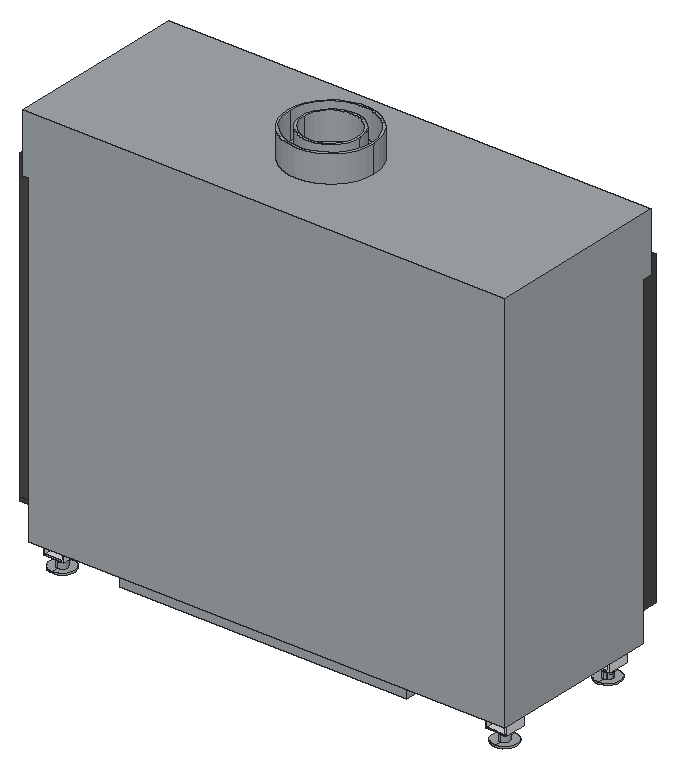
Revit family "METALFIRE_AVENUE_MF_GHE_2S", category Mechanical Equipment, host Wall, Revit 2017
Family settings
  Host = Wall
  Round Connector Dimension = Use Diameter
  Part Type = Normal
  OmniClass Number = 23.75.00.00
  OmniClass Title = Climate Control (HVAC)
  Always vertical = Yes
  Cut with Voids When Loaded = No
  Shared = No
  Room Calculation Point = Yes
Parameters (values of type "1050 x 750 mm")
  WIDTH = 1094 mm
  WEIGHT = 150.00 kg
  URL = "https://www.metalfire.eu"
  TECHNICAL SHEET = "https://www.metalfire.eu/en/products/gas-fireplaces/avenue"
  SMOKE EXHAUST = "Ø130/200 mm"
  PRODUCT SHEET = "https://www.archiproducts.com/en/products/metalfire/gas-corner-fireplace-avenue-corner-fireplace_457079"
  PRODUCT CODE = "MF 1050-75 GHE 2S"
  OVERALL WIDTH = 1178 mm
  OVERALL HEIGHT = 1120 mm
  OVERALL DEPTH = 444 mm
  OUTPUT = 9.5 kW
  Model = "Avenue"
  Manufacturer = "Metalfire"
  MATERIAL DESCRIPTION = "Iron, galvanized steel and vermiculite plates"
  HEIGHT = 740 mm
  FRAME MATERIAL = Iron - Metalfire
  FINISHING MATERIAL = Black painted vermiculite plates - Metalfire
  ENERGY EFFICIENCY CLASS = "A (G20) / B (G30)"
  EFFICIENCY = 87.00%
  Description = "The Avenue represents the gas-fired high efficiency closed fireplaces in the Metalfire range."
  DEPTH = 336 mm
  BIM USER MANUAL = "https://img.edilportale.com/bim/METALFIRE-BIM-USER-MANUAL-Metalfire-bim.pdf"
  BIM BADGE = "https://bim.archiproducts.com/en/badge/bim-archiproducts-featured_658700/about"
  BIM AUTHOR = "https://bim.archiproducts.com"
Types (8, lengths in mm): name | WIDTH | WEIGHT | PRODUCT CODE | OVERALL WIDTH | OVERALL HEIGHT | OUTPUT | HEIGHT | ENERGY EFFICIENCY CLASS | EFFICIENCY | DEPTH
  1050 x 750 mm | 1094 | 150.00 kg | "MF 1050-75 GHE 2S" | 1178 | 1120 | 9.5 kW | 740 | "A (G20) / B (G30)" | 87.00% | 336
  800 x 750 mm | 844 | 100.00 kg | "MF 800-75 GHE 2S" | 928 | 1120 | 8.1 kW | 740 | "B" | 84.50% | 336
  900 x 600 mm | 950 | 100.00 kg | "MF 900-60 GHE 2S" | 1028 | 970 | 8.1 kW | 590 | "B" | 84.50% | 330
  1050 x 400 mm | 1094 | 100.00 kg | "MF 1050-40 GHE 2S" | 1178 | 770 | 8.0 kW | 390 | "B" | 84.80% | 336
  1050 x 600 mm | 1094 | 150.00 kg | "MF 1050-60 GHE 2S" | 1178 | 970 | 9.5 kW | 590 | "A (G20) / B (G30)" | 87.00% | 336
  1300 x 400 mm | 1344 | 100.00 kg | "MF 1300-40 GHE 2S" | 1428 | 770 | 8.4 kW | 390 | "B" | 82.00% | 336
  1300 x 600 mm | 1344 | 150.00 kg | "MF 1300-60 GHE 2S" | 1428 | 970 | 9.5 kW | 590 | "A (G20) / B (G30)" | 87.00% | 336
  1600 x 400 mm | 1644 | 150.00 kg | "MF 1600-40 GHE 2S" | 1728 | 770 | 9.5 kW | 390 | "B" | 83.30% | 336
Reference planes
  plane 1 "Wall": y = 0
  plane 2 "Center (Left/Right)": x = 0
  plane 3 "Back": y = 300
  plane 4: x = 547
  plane 5: x = -547
  plane 6: z = 121
  plane 7: z = 861
Forms (mm)
  Extrusion 1, void
    sketch origin (0, 300, 0) x (1, 0, 0) y (0, 0, 1)
      loop
        line (557, 111) -> (557, 871) -> (-557, 871) -> (-557, 111) -> (557, 111)
    from 0 to 70
  Revolve 2, solid, material "Iron - Metalfire" <- "FRAME MATERIAL", detail levels fine
    sketch origin (-532, -544.43, 1200) x (0, -1, 0) y (0, 0, 1)
      loop
        line (-714.93, -1200) -> (-684.93, -1200) -> (-684.93, -1197) -> (-702.93, -1197) -> (-702.93, -1184) -> (-706.93, -1184) -> (-706.93, -1122) -> (-714.93, -1122) -> (-714.93, -1200)
      axis (-714.93, -1122) -> (-714.93, -1200)
    angle from 0 to 360
  Revolve 3, solid, material "Iron - Metalfire" <- "FRAME MATERIAL", detail levels fine
    sketch origin (-532, -230.93, 1200) x (0, -1, 0) y (0, 0, 1)
      loop
        line (-87.93, -1200) -> (-57.93, -1200) -> (-57.93, -1197) -> (-75.93, -1197) -> (-75.93, -1184) -> (-79.93, -1184) -> (-79.93, -1122) -> (-87.93, -1122) -> (-87.93, -1200)
      axis (-87.93, -1122) -> (-87.93, -1200)
    angle from 0 to 360
  Extrusion 4, solid, material "Iron - Metalfire" <- "FRAME MATERIAL", detail levels fine
    sketch origin (0, 381.083, 0) x (-1, 0, 0) y (0, -1, 0)
      loop
        circle (0, 373.083) r 100
      loop
        circle (0, 373.083) r 105
    from 1014 to 1080
  Extrusion 5, solid, material "Iron - Metalfire" <- "FRAME MATERIAL", detail levels fine
    sketch origin (0, 300, 0) x (-1, 0, 0) y (0, 0, 1)
      loop
        line (-349.5, 46) -> (349.5, 46) -> (349.5, 78) -> (-349.5, 78) -> (-349.5, 46)
    from -112 to -497
  Extrusion 6, solid, material "Black painted vermiculite plates - Metalfire" <- "FINISHING MATERIAL", detail levels medium+fine
    sketch origin (1538.26, 300, 0) x (-1, 0, 0) y (0, 0, 1)
      loop
        line (981.26, 111) -> (2169.26, 111) -> (2169.26, 121) -> (991.26, 121) -> (991.26, 861) -> (2169.26, 861) -> (2169.26, 871) -> (981.26, 871) -> (981.26, 111)
    from 0 to -448
  Extrusion 7, solid, material "Iron - Metalfire" <- "FRAME MATERIAL", detail levels fine
    sketch origin (0, 300, 0) x (0, -1, 0) y (0, 0, -1)
      loop
        line (70, -1014) -> (514, -1014) -> (514, -78) -> (93, -78) -> (93, -871) -> (70, -871) -> (70, -1014)
    from 557 to 601
  Extrusion 8, solid, material "Iron - Metalfire" <- "FRAME MATERIAL", detail levels fine
    sketch origin (0, 300, 0) x (0, -1, 0) y (0, 0, -1)
      loop
        line (70, -1014) -> (514, -1014) -> (514, -78) -> (93, -78) -> (93, -111) -> (448, -111) -> (448, -871) -> (70, -871) -> (70, -1014)
    from -557 to 557
  Extrusion 9, solid, material "Black painted vermiculite plates - Metalfire" <- "FINISHING MATERIAL", detail levels medium+fine
    sketch origin (0, 300, 0) x (-1, 0, 0) y (0, 0, 1)
      loop
        line (-547, 121) -> (631, 121) -> (631, 861) -> (-547, 861) -> (-547, 121)
    from -448 to -438
  Extrusion 10, solid, material "Iron - Metalfire" <- "FRAME MATERIAL", detail levels fine
    sketch origin (0, 381.083, 0) x (-1, 0, 0) y (0, -1, 0)
      loop
        circle (0, 373.083) r 65
      loop
        circle (0, 373.083) r 70
    from 1014 to 1080
  Extrusion 11, solid, material "Iron - Metalfire" <- "FRAME MATERIAL", detail levels fine
    sketch origin (0, 300, 0) x (0, -1, 0) y (0, 0, 1)
      loop
        line (70, 1014) -> (70, 871) -> (514, 871) -> (514, 1014) -> (70, 1014)
    from 557 to 571
  Extrusion 12, solid, material "Clear Glass - Metalfire", detail levels medium+fine
    sketch origin (0, 0, 0) x (1, 0, 0) y (0, 1, 0)
      loop
        line (-547, 207) -> (-547, -138) -> (-542, -138) -> (-542, 202) -> (547, 202) -> (547, 207) -> (-547, 207)
    from 121 to 861
  Revolve 13, solid, material "Iron - Metalfire" <- "FRAME MATERIAL", detail levels fine
    sketch origin (-532, -544.43, 1200) x (0, -1, 0) y (0, 0, 1)
      loop
        line (-714.93, -1200) -> (-684.93, -1200) -> (-684.93, -1197) -> (-702.93, -1197) -> (-702.93, -1184) -> (-706.93, -1184) -> (-706.93, -1122) -> (-714.93, -1122) -> (-714.93, -1200)
      axis (-714.93, -1122) -> (-714.93, -1200)
    angle from 0 to 360
  Revolve 14, solid, material "Iron - Metalfire" <- "FRAME MATERIAL", detail levels fine
    sketch origin (-532, -230.93, 1200) x (0, -1, 0) y (0, 0, 1)
      loop
        line (-87.93, -1200) -> (-57.93, -1200) -> (-57.93, -1197) -> (-75.93, -1197) -> (-75.93, -1184) -> (-79.93, -1184) -> (-79.93, -1122) -> (-87.93, -1122) -> (-87.93, -1200)
      axis (-87.93, -1122) -> (-87.93, -1200)
    angle from 0 to 360
  Extrusion 15, solid, detail levels fine
    sketch origin (-53, -300, 0) x (-1, 0, 0) y (0, 0, 1)
      loop
        line (457, 78) -> (454, 78) -> (454, 29.8) -> (504, 29.8) -> (504, 78) -> (501, 78) -> (501, 32.8) -> (457, 32.8) -> (457, 78)
    from 131 to 183
  Extrusion 16, solid, detail levels fine
    sketch origin (-53, 261, 0) x (-1, 0, 0) y (0, 0, -1)
      loop
        line (457, -78) -> (457, -32.8) -> (501, -32.8) -> (501, -78) -> (504, -78) -> (504, -29.8) -> (454, -29.8) -> (454, -78) -> (457, -78)
    from 64.5 to 116.5
  Revolve 17, solid, material "Iron - Metalfire" <- "FRAME MATERIAL", detail levels fine
    sketch origin (544, -544.43, 1200) x (0, -1, 0) y (0, 0, -1)
      loop
        line (-714.93, 1200) -> (-714.93, 1122) -> (-706.93, 1122) -> (-706.93, 1184) -> (-702.93, 1184) -> (-702.93, 1197) -> (-684.93, 1197) -> (-684.93, 1200) -> (-714.93, 1200)
      axis (-714.93, 1122) -> (-714.93, 1200)
    angle from 0 to 360
  Revolve 18, solid, material "Iron - Metalfire" <- "FRAME MATERIAL", detail levels fine
    sketch origin (544, -230.93, 1200) x (0, -1, 0) y (0, 0, -1)
      loop
        line (-87.93, 1200) -> (-87.93, 1122) -> (-79.93, 1122) -> (-79.93, 1184) -> (-75.93, 1184) -> (-75.93, 1197) -> (-57.93, 1197) -> (-57.93, 1200) -> (-87.93, 1200)
      axis (-87.93, 1122) -> (-87.93, 1200)
    angle from 0 to 360
  Revolve 19, solid, material "Iron - Metalfire" <- "FRAME MATERIAL", detail levels fine
    sketch origin (544, -544.43, 1200) x (0, -1, 0) y (0, 0, -1)
      loop
        line (-714.93, 1200) -> (-714.93, 1122) -> (-706.93, 1122) -> (-706.93, 1184) -> (-702.93, 1184) -> (-702.93, 1197) -> (-684.93, 1197) -> (-684.93, 1200) -> (-714.93, 1200)
      axis (-714.93, 1122) -> (-714.93, 1200)
    angle from 0 to 360
  Revolve 20, solid, material "Iron - Metalfire" <- "FRAME MATERIAL", detail levels fine
    sketch origin (544, -230.93, 1200) x (0, -1, 0) y (0, 0, -1)
      loop
        line (-87.93, 1200) -> (-87.93, 1122) -> (-79.93, 1122) -> (-79.93, 1184) -> (-75.93, 1184) -> (-75.93, 1197) -> (-57.93, 1197) -> (-57.93, 1200) -> (-87.93, 1200)
      axis (-87.93, 1122) -> (-87.93, 1200)
    angle from 0 to 360
  Extrusion 21, solid, detail levels fine
    sketch origin (65, -300, 0) x (1, 0, 0) y (0, 0, -1)
      loop
        line (457, -78) -> (457, -32.8) -> (501, -32.8) -> (501, -78) -> (504, -78) -> (504, -29.8) -> (454, -29.8) -> (454, -78) -> (457, -78)
    from 131 to 183
  Extrusion 22, solid, detail levels fine
    sketch origin (65, 261, 0) x (1, 0, 0) y (0, 0, 1)
      loop
        line (457, 78) -> (454, 78) -> (454, 29.8) -> (504, 29.8) -> (504, 78) -> (501, 78) -> (501, 32.8) -> (457, 32.8) -> (457, 78)
    from 64.5 to 116.5
  Revolve 23, solid, material "Iron - Metalfire" <- "FRAME MATERIAL", not visible, detail levels fine
    sketch origin (-435, -544.43, 1200) x (0, -1, 0) y (0, 0, 1)
      loop
        line (-714.93, -1200) -> (-684.93, -1200) -> (-684.93, -1197) -> (-702.93, -1197) -> (-702.93, -1184) -> (-706.93, -1184) -> (-706.93, -1122) -> (-714.93, -1122) -> (-714.93, -1200)
      axis (-714.93, -1122) -> (-714.93, -1200)
    angle from 0 to 360
  Revolve 24, solid, material "Iron - Metalfire" <- "FRAME MATERIAL", not visible, detail levels fine
    sketch origin (-435, -230.93, 1200) x (0, -1, 0) y (0, 0, 1)
      loop
        line (-87.93, -1200) -> (-57.93, -1200) -> (-57.93, -1197) -> (-75.93, -1197) -> (-75.93, -1184) -> (-79.93, -1184) -> (-79.93, -1122) -> (-87.93, -1122) -> (-87.93, -1200)
      axis (-87.93, -1122) -> (-87.93, -1200)
    angle from 0 to 360
  Revolve 25, solid, material "Iron - Metalfire" <- "FRAME MATERIAL", not visible, detail levels fine
    sketch origin (-435, -544.43, 1200) x (0, -1, 0) y (0, 0, 1)
      loop
        line (-714.93, -1200) -> (-684.93, -1200) -> (-684.93, -1197) -> (-702.93, -1197) -> (-702.93, -1184) -> (-706.93, -1184) -> (-706.93, -1122) -> (-714.93, -1122) -> (-714.93, -1200)
      axis (-714.93, -1122) -> (-714.93, -1200)
    angle from 0 to 360
  Revolve 26, solid, material "Iron - Metalfire" <- "FRAME MATERIAL", not visible, detail levels fine
    sketch origin (-435, -230.93, 1200) x (0, -1, 0) y (0, 0, 1)
      loop
        line (-87.93, -1200) -> (-57.93, -1200) -> (-57.93, -1197) -> (-75.93, -1197) -> (-75.93, -1184) -> (-79.93, -1184) -> (-79.93, -1122) -> (-87.93, -1122) -> (-87.93, -1200)
      axis (-87.93, -1122) -> (-87.93, -1200)
    angle from 0 to 360
  Extrusion 27, solid, not visible, detail levels fine
    sketch origin (44, -300, 0) x (-1, 0, 0) y (0, 0, 1)
      loop
        line (457, 78) -> (454, 78) -> (454, 29.8) -> (504, 29.8) -> (504, 78) -> (501, 78) -> (501, 32.8) -> (457, 32.8) -> (457, 78)
    from 131 to 183
  Extrusion 28, solid, not visible, detail levels fine
    sketch origin (44, 261, 0) x (-1, 0, 0) y (0, 0, -1)
      loop
        line (457, -78) -> (457, -32.8) -> (501, -32.8) -> (501, -78) -> (504, -78) -> (504, -29.8) -> (454, -29.8) -> (454, -78) -> (457, -78)
    from 64.5 to 116.5
  Revolve 29, solid, material "Iron - Metalfire" <- "FRAME MATERIAL", not visible, detail levels fine
    sketch origin (447, -544.43, 1200) x (0, -1, 0) y (0, 0, -1)
      loop
        line (-714.93, 1200) -> (-714.93, 1122) -> (-706.93, 1122) -> (-706.93, 1184) -> (-702.93, 1184) -> (-702.93, 1197) -> (-684.93, 1197) -> (-684.93, 1200) -> (-714.93, 1200)
      axis (-714.93, 1122) -> (-714.93, 1200)
    angle from 0 to 360
  Revolve 30, solid, material "Iron - Metalfire" <- "FRAME MATERIAL", not visible, detail levels fine
    sketch origin (447, -230.93, 1200) x (0, -1, 0) y (0, 0, -1)
      loop
        line (-87.93, 1200) -> (-87.93, 1122) -> (-79.93, 1122) -> (-79.93, 1184) -> (-75.93, 1184) -> (-75.93, 1197) -> (-57.93, 1197) -> (-57.93, 1200) -> (-87.93, 1200)
      axis (-87.93, 1122) -> (-87.93, 1200)
    angle from 0 to 360
  Revolve 31, solid, material "Iron - Metalfire" <- "FRAME MATERIAL", not visible, detail levels fine
    sketch origin (447, -544.43, 1200) x (0, -1, 0) y (0, 0, -1)
      loop
        line (-714.93, 1200) -> (-714.93, 1122) -> (-706.93, 1122) -> (-706.93, 1184) -> (-702.93, 1184) -> (-702.93, 1197) -> (-684.93, 1197) -> (-684.93, 1200) -> (-714.93, 1200)
      axis (-714.93, 1122) -> (-714.93, 1200)
    angle from 0 to 360
  Revolve 32, solid, material "Iron - Metalfire" <- "FRAME MATERIAL", not visible, detail levels fine
    sketch origin (447, -230.93, 1200) x (0, -1, 0) y (0, 0, -1)
      loop
        line (-87.93, 1200) -> (-87.93, 1122) -> (-79.93, 1122) -> (-79.93, 1184) -> (-75.93, 1184) -> (-75.93, 1197) -> (-57.93, 1197) -> (-57.93, 1200) -> (-87.93, 1200)
      axis (-87.93, 1122) -> (-87.93, 1200)
    angle from 0 to 360
  Extrusion 33, solid, not visible, detail levels fine
    sketch origin (-32, -300, 0) x (1, 0, 0) y (0, 0, -1)
      loop
        line (457, -78) -> (457, -32.8) -> (501, -32.8) -> (501, -78) -> (504, -78) -> (504, -29.8) -> (454, -29.8) -> (454, -78) -> (457, -78)
    from 131 to 183
  Extrusion 34, solid, not visible, detail levels fine
    sketch origin (-32, 261, 0) x (1, 0, 0) y (0, 0, 1)
      loop
        line (457, 78) -> (454, 78) -> (454, 29.8) -> (504, 29.8) -> (504, 78) -> (501, 78) -> (501, 32.8) -> (457, 32.8) -> (457, 78)
    from 64.5 to 116.5
  Extrusion 35, void
    sketch origin (0, 0, 0) x (0, 1, 0) y (0, 0, 1)
      loop
        line (-214, 1080) -> (-214, 0) -> (230, 0) -> (230, 1080) -> (-214, 1080)
    from -571 to 601
  Extrusion 36, void
    sketch origin (0, 0, 0) x (0, 1, 0) y (0, 0, 1)
      loop
        line (300, 871) -> (-148, 871) -> (-148, 111) -> (300, 111) -> (300, 871)
    from -631 to -557
Cuts and joins
  joined: Extrusion 7, Extrusion 8, Extrusion 11
Text (mm)
  text "Placement side" at (-1820.995, 1116.779, 0), in view "Ref. Level"
  text "Placement side" at (0, 1334.055, 2976.191), in view "Left"
  text "Placement side" at (0, 439.194, 2944.362), in view "Right"
Dimensions and locks
  locked: plane 3 "Back" to host wall
  equal spacing: plane 5, plane 2 "Center (Left/Right)", plane 4
  "WIDTH": plane 5 to plane 4
  locked: level to plane 6 at 121
  "HEIGHT": plane 6 to plane 7
  locked: plane 7 to Extrusion 4 at 219
  locked: Extrusion 7 sketch curve to plane 7 at 10
  locked: Extrusion 7 sketch curve to plane 7 at 153
  locked: plane 6 to Extrusion 7 sketch curve at 43
  locked: Extrusion 8 sketch curve to plane 7 at 10
  locked: Extrusion 8 sketch curve to plane 7 at 153
  locked: plane 6 to Extrusion 8 sketch curve at 10
  locked: plane 6 to Extrusion 8 sketch curve at 43
  Extrusion 5 to plane 2 "Center (Left/Right)" to Extrusion 5 = 349.5 mm locked, 349.5 mm locked
  locked: plane 5 to Extrusion 6 sketch curve at 84
  locked: Extrusion 6 sketch curve to plane 5 at 84
  locked: Extrusion 11 sketch curve to plane 7 at 153
  locked: Extrusion 11 sketch curve to plane 7 at 10
  plane 5 to Extrusion 11 to Extrusion 11 = 10 mm locked, 14 mm locked
  locked: plane 5 to Extrusion 12 sketch curve at 5
  locked: plane 5 to Extrusion 16 at 10
  locked: Extrusion 22 to plane 4 at 22
  locked: Extrusion 6 to plane 3 "Back" at 448  (x2)
  locked: plane 3 "Back" to Extrusion 16 at 103.5
  locked: plane 3 "Back" to Extrusion 22 at 103.5
  Extrusion 5 to Extrusion 5 to plane 3 "Back" = 385 mm locked, 112 mm locked
  plane 3 "Back" to Extrusion 12 sketch curve to Extrusion 12 sketch curve = 93 mm locked, 5 mm locked
  locked: plane 3 "Back" to Extrusion 8 sketch curve at 514
  locked: Extrusion 4 sketch curve to plane 3 "Back" at 292
  locked: Extrusion 10 sketch curve to plane 3 "Back" at 292
  Extrusion 7 to Extrusion 8 to plane 4 = 44 mm locked, 10 mm locked
  locked: Extrusion 9 to Extrusion 6 at 10
  aligned and locked: plane 1 "Wall" to host wall
  aligned and locked: Extrusion 1 to plane 3 "Back"
  aligned and locked: Extrusion 6 to Extrusion 1
  aligned and locked: Extrusion 1 to Extrusion 6
  aligned and locked: plane 7 to Extrusion 6 sketch curve
  aligned and locked: plane 4 to Extrusion 6 sketch curve
  aligned and locked: Extrusion 6 sketch curve to plane 6
  aligned and locked: plane 4 to Extrusion 9
  aligned and locked: plane 7 to Extrusion 9
  aligned and locked: Extrusion 9 sketch curve to plane 6
  aligned and locked: Extrusion 4 to Extrusion 10  (x2)
  aligned and locked: Extrusion 8 to Extrusion 7
  aligned and locked: Extrusion 8 to Extrusion 11
  aligned and locked: Extrusion 12 sketch curve to Extrusion 9
  aligned and locked: Extrusion 12 sketch curve to plane 4
  aligned and locked: Extrusion 12 sketch curve to plane 5
  aligned and locked: Extrusion 12 to plane 6
  aligned and locked: plane 7 to Extrusion 12
  aligned and locked: Extrusion 6 to plane 3 "Back"
  aligned and locked: Extrusion 11 to Extrusion 7
  aligned and locked: Extrusion 7 sketch curve to Extrusion 8  (x2)
  aligned and locked: Extrusion 4 to Extrusion 7
  aligned and locked: Extrusion 7 to Extrusion 11
  aligned and locked: Extrusion 35 sketch curve to Extrusion 4
  aligned and locked: Extrusion 35 to cut or joined group of Extrusion 7, Extrusion 8, Extrusion 11  (x2)
  aligned and locked: plane 3 "Back" to Extrusion 36 sketch curve
  aligned and locked: Extrusion 36 sketch curve to Extrusion 9
  aligned and locked: Extrusion 36 sketch curve to Extrusion 6  (x2)
  aligned and locked: Extrusion 36 to Extrusion 6
  aligned and locked: Extrusion 36 to cut or joined group of Extrusion 7, Extrusion 8, Extrusion 11
  aligned and locked: Extrusion 9 to Extrusion 6
  aligned and locked: Extrusion 35 sketch curve to cut or joined group of Extrusion 7, Extrusion 8, Extrusion 11
  aligned and locked: nested 1 to cut or joined group of Extrusion 7, Extrusion 8, Extrusion 11  (x3)
  aligned and locked: cut or joined group of Extrusion 7, Extrusion 8, Extrusion 11 to nested 1
Automatic sketch dimensions
  Extrusion 1 sketch curve to plane 5 = 10 mm
  plane 4 to Extrusion 1 sketch curve = 10 mm
  Extrusion 1 sketch curve to plane 6 = 10 mm
  plane 7 to Extrusion 1 sketch curve = 10 mm
  Revolve 2 sketch curve to Revolve 2 sketch curve = 8 mm
  Revolve 2 sketch curve to Revolve 2 sketch curve = 4 mm
  Revolve 2 sketch curve to Revolve 2 sketch curve = 18 mm
  Revolve 2 sketch curve to Revolve 2 sketch curve = 13 mm
  Revolve 2 sketch curve to Revolve 2 sketch curve = 0 mm
  Revolve 3 sketch curve to Revolve 3 sketch curve = 8 mm
  Revolve 3 sketch curve to Revolve 3 sketch curve = 4 mm
  Revolve 3 sketch curve to Revolve 3 sketch curve = 18 mm
  Revolve 3 sketch curve to Revolve 3 sketch curve = 13 mm
  Revolve 3 sketch curve to Revolve 3 sketch curve = 0 mm
  Extrusion 4 sketch curve to Extrusion 4 sketch curve = 0 mm  (x2)
  Extrusion 4 sketch curve to plane 2 "Center (Left/Right)" = 0 mm
  Extrusion 5 sketch curve to plane 6 = 43 mm
  Extrusion 5 sketch curve to plane 4 = 197.5 mm
  plane 5 to Extrusion 5 sketch curve = 197.5 mm
  Extrusion 5 sketch curve to Extrusion 5 sketch curve = 32 mm
  plane 4 to Extrusion 6 sketch curve = 10 mm
  Extrusion 6 sketch curve to plane 6 = 10 mm
  Extrusion 6 sketch curve to Extrusion 6 sketch curve = 10 mm
  Extrusion 8 sketch curve to host wall = 70 mm
  Extrusion 8 sketch curve to host wall = 93 mm
  Extrusion 8 sketch curve to Extrusion 8 sketch curve = 66 mm
  Extrusion 9 sketch curve to plane 4 = 0 mm
  Extrusion 9 sketch curve to plane 7 = 0 mm
  Extrusion 9 sketch curve to plane 5 = 84 mm
  Extrusion 10 sketch curve to Extrusion 10 sketch curve = 0 mm  (x2)
  Extrusion 10 sketch curve to plane 2 "Center (Left/Right)" = 0 mm
  Extrusion 11 sketch curve to host wall = 70 mm
  Extrusion 11 sketch curve to host wall = 86 mm
  Revolve 13 sketch curve to Revolve 13 sketch curve = 8 mm
  Revolve 13 sketch curve to Revolve 13 sketch curve = 4 mm
  Revolve 13 sketch curve to Revolve 13 sketch curve = 18 mm
  Revolve 13 sketch curve to Revolve 13 sketch curve = 13 mm
  Revolve 13 sketch curve to Revolve 13 sketch curve = 0 mm
  Revolve 14 sketch curve to Revolve 14 sketch curve = 8 mm
  Revolve 14 sketch curve to Revolve 14 sketch curve = 4 mm
  Revolve 14 sketch curve to Revolve 14 sketch curve = 18 mm
  Revolve 14 sketch curve to Revolve 14 sketch curve = 13 mm
  Revolve 14 sketch curve to Revolve 14 sketch curve = 0 mm
  Extrusion 15 sketch curve to Extrusion 15 sketch curve = 3 mm  (x3)
  Extrusion 16 sketch curve to Extrusion 16 sketch curve = 3 mm  (x3)
  Revolve 17 sketch curve to Revolve 17 sketch curve = 8 mm
  Revolve 17 sketch curve to Revolve 17 sketch curve = 4 mm
  Revolve 17 sketch curve to Revolve 17 sketch curve = 18 mm
  Revolve 17 sketch curve to Revolve 17 sketch curve = 13 mm
  Revolve 17 sketch curve to Revolve 17 sketch curve = 0 mm
  Revolve 17 sketch curve to Revolve 17 sketch curve = 38.099 mm
  Revolve 18 sketch curve to Revolve 18 sketch curve = 8 mm
  Revolve 18 sketch curve to Revolve 18 sketch curve = 4 mm
  Revolve 18 sketch curve to Revolve 18 sketch curve = 18 mm
  Revolve 18 sketch curve to Revolve 18 sketch curve = 13 mm
  Revolve 18 sketch curve to Revolve 18 sketch curve = 0 mm
  Revolve 18 sketch curve to Revolve 18 sketch curve = 38.099 mm
  Revolve 19 sketch curve to Revolve 19 sketch curve = 8 mm
  Revolve 19 sketch curve to Revolve 19 sketch curve = 4 mm
  Revolve 19 sketch curve to Revolve 19 sketch curve = 18 mm
  Revolve 19 sketch curve to Revolve 19 sketch curve = 13 mm
  Revolve 19 sketch curve to Revolve 19 sketch curve = 0 mm
  Revolve 19 sketch curve to Revolve 19 sketch curve = 38.099 mm
  Revolve 20 sketch curve to Revolve 20 sketch curve = 8 mm
  Revolve 20 sketch curve to Revolve 20 sketch curve = 4 mm
  Revolve 20 sketch curve to Revolve 20 sketch curve = 18 mm
  Revolve 20 sketch curve to Revolve 20 sketch curve = 13 mm
  Revolve 20 sketch curve to Revolve 20 sketch curve = 0 mm
  Revolve 20 sketch curve to Revolve 20 sketch curve = 38.099 mm
  Extrusion 21 sketch curve to Extrusion 21 sketch curve = 3 mm  (x3)
  Extrusion 22 sketch curve to Extrusion 22 sketch curve = 3 mm  (x3)
  Revolve 2 sketch curve to Revolve 2 sketch curve = 3 mm
  Revolve 2 sketch curve to Revolve 2 sketch curve = 62 mm
  Revolve 2 sketch curve to Revolve 2 sketch curve = 38.099 mm
  Revolve 2 sketch curve to Revolve 2 sketch curve = 58.901 mm
  Revolve 3 sketch curve to Revolve 3 sketch curve = 3 mm
  Revolve 3 sketch curve to Revolve 3 sketch curve = 62 mm
  Revolve 3 sketch curve to Revolve 3 sketch curve = 38.099 mm
  Revolve 3 sketch curve to Revolve 3 sketch curve = 58.901 mm
  Revolve 13 sketch curve to Revolve 13 sketch curve = 3 mm
  Revolve 13 sketch curve to Revolve 13 sketch curve = 62 mm
  Revolve 13 sketch curve to Revolve 13 sketch curve = 38.099 mm
  Revolve 13 sketch curve to Revolve 13 sketch curve = 58.901 mm
  Revolve 14 sketch curve to Revolve 14 sketch curve = 3 mm
  Revolve 14 sketch curve to Revolve 14 sketch curve = 62 mm
  Revolve 14 sketch curve to Revolve 14 sketch curve = 38.099 mm
  Revolve 14 sketch curve to Revolve 14 sketch curve = 58.901 mm
  Extrusion 15 sketch curve to Extrusion 15 sketch curve = 44 mm
  Extrusion 15 sketch curve to Extrusion 15 sketch curve = 45.2 mm  (x2)
  Extrusion 16 sketch curve to Extrusion 16 sketch curve = 44 mm
  Extrusion 16 sketch curve to Extrusion 16 sketch curve = 0 mm
  Extrusion 16 sketch curve to Extrusion 16 sketch curve = 45.2 mm
  Revolve 23 sketch curve to Revolve 23 sketch curve = 8 mm
  Revolve 23 sketch curve to Revolve 23 sketch curve = 4 mm
  Revolve 23 sketch curve to Revolve 23 sketch curve = 18 mm
  Revolve 23 sketch curve to Revolve 23 sketch curve = 13 mm
  Revolve 23 sketch curve to Revolve 23 sketch curve = 0 mm
  Revolve 24 sketch curve to Revolve 24 sketch curve = 8 mm
  Revolve 24 sketch curve to Revolve 24 sketch curve = 4 mm
  Revolve 24 sketch curve to Revolve 24 sketch curve = 18 mm
  Revolve 24 sketch curve to Revolve 24 sketch curve = 13 mm
  Revolve 24 sketch curve to Revolve 24 sketch curve = 0 mm
  Revolve 25 sketch curve to Revolve 25 sketch curve = 8 mm
  Revolve 25 sketch curve to Revolve 25 sketch curve = 4 mm
  Revolve 25 sketch curve to Revolve 25 sketch curve = 18 mm
  Revolve 25 sketch curve to Revolve 25 sketch curve = 13 mm
  Revolve 25 sketch curve to Revolve 25 sketch curve = 0 mm
  Revolve 26 sketch curve to Revolve 26 sketch curve = 8 mm
  Revolve 26 sketch curve to Revolve 26 sketch curve = 4 mm
  Revolve 26 sketch curve to Revolve 26 sketch curve = 18 mm
  Revolve 26 sketch curve to Revolve 26 sketch curve = 13 mm
  Revolve 26 sketch curve to Revolve 26 sketch curve = 0 mm
  Extrusion 27 sketch curve to Extrusion 27 sketch curve = 3 mm  (x3)
  Extrusion 28 sketch curve to Extrusion 28 sketch curve = 3 mm  (x3)
  Revolve 23 sketch curve to Revolve 23 sketch curve = 3 mm
  Revolve 23 sketch curve to Revolve 23 sketch curve = 62 mm
  Revolve 23 sketch curve to Revolve 23 sketch curve = 38.099 mm
  Revolve 23 sketch curve to Revolve 23 sketch curve = 58.901 mm
  Revolve 24 sketch curve to Revolve 24 sketch curve = 3 mm
  Revolve 24 sketch curve to Revolve 24 sketch curve = 62 mm
  Revolve 24 sketch curve to Revolve 24 sketch curve = 38.099 mm
  Revolve 24 sketch curve to Revolve 24 sketch curve = 58.901 mm
  Revolve 25 sketch curve to Revolve 25 sketch curve = 3 mm
  Revolve 25 sketch curve to Revolve 25 sketch curve = 62 mm
  Revolve 25 sketch curve to Revolve 25 sketch curve = 38.099 mm
  Revolve 25 sketch curve to Revolve 25 sketch curve = 58.901 mm
  Revolve 26 sketch curve to Revolve 26 sketch curve = 3 mm
  Revolve 26 sketch curve to Revolve 26 sketch curve = 62 mm
  Revolve 26 sketch curve to Revolve 26 sketch curve = 38.099 mm
  Revolve 26 sketch curve to Revolve 26 sketch curve = 58.901 mm
  Extrusion 27 sketch curve to Extrusion 27 sketch curve = 44 mm
  Extrusion 27 sketch curve to Extrusion 27 sketch curve = 45.2 mm  (x2)
  Extrusion 28 sketch curve to Extrusion 28 sketch curve = 44 mm
  Extrusion 28 sketch curve to Extrusion 28 sketch curve = 0 mm
  Extrusion 28 sketch curve to Extrusion 28 sketch curve = 45.2 mm
  Revolve 17 sketch curve to Revolve 17 sketch curve = 62 mm
  Revolve 17 sketch curve to Revolve 17 sketch curve = 3 mm
  Revolve 17 sketch curve to Revolve 17 sketch curve = 58.901 mm
  Revolve 18 sketch curve to Revolve 18 sketch curve = 62 mm
  Revolve 18 sketch curve to Revolve 18 sketch curve = 3 mm
  Revolve 18 sketch curve to Revolve 18 sketch curve = 58.901 mm
  Revolve 19 sketch curve to Revolve 19 sketch curve = 62 mm
  Revolve 19 sketch curve to Revolve 19 sketch curve = 3 mm
  Revolve 19 sketch curve to Revolve 19 sketch curve = 58.901 mm
  Revolve 20 sketch curve to Revolve 20 sketch curve = 62 mm
  Revolve 20 sketch curve to Revolve 20 sketch curve = 3 mm
  Revolve 20 sketch curve to Revolve 20 sketch curve = 58.901 mm
  Extrusion 21 sketch curve to Extrusion 21 sketch curve = 44 mm
  Extrusion 21 sketch curve to Extrusion 21 sketch curve = 0 mm
  Extrusion 21 sketch curve to Extrusion 21 sketch curve = 45.2 mm
  Extrusion 22 sketch curve to Extrusion 22 sketch curve = 44 mm
  Extrusion 22 sketch curve to Extrusion 22 sketch curve = 45.2 mm  (x2)
  Revolve 29 sketch curve to Revolve 29 sketch curve = 8 mm
  Revolve 29 sketch curve to Revolve 29 sketch curve = 4 mm
  Revolve 29 sketch curve to Revolve 29 sketch curve = 18 mm
  Revolve 29 sketch curve to Revolve 29 sketch curve = 13 mm
  Revolve 29 sketch curve to Revolve 29 sketch curve = 0 mm
  Revolve 29 sketch curve to Revolve 29 sketch curve = 38.099 mm
  Revolve 30 sketch curve to Revolve 30 sketch curve = 8 mm
  Revolve 30 sketch curve to Revolve 30 sketch curve = 4 mm
  Revolve 30 sketch curve to Revolve 30 sketch curve = 18 mm
  Revolve 30 sketch curve to Revolve 30 sketch curve = 13 mm
  Revolve 30 sketch curve to Revolve 30 sketch curve = 0 mm
  Revolve 30 sketch curve to Revolve 30 sketch curve = 38.099 mm
  Revolve 31 sketch curve to Revolve 31 sketch curve = 8 mm
  Revolve 31 sketch curve to Revolve 31 sketch curve = 4 mm
  Revolve 31 sketch curve to Revolve 31 sketch curve = 18 mm
  Revolve 31 sketch curve to Revolve 31 sketch curve = 13 mm
  Revolve 31 sketch curve to Revolve 31 sketch curve = 0 mm
  Revolve 31 sketch curve to Revolve 31 sketch curve = 38.099 mm
  Revolve 32 sketch curve to Revolve 32 sketch curve = 8 mm
  Revolve 32 sketch curve to Revolve 32 sketch curve = 4 mm
  Revolve 32 sketch curve to Revolve 32 sketch curve = 18 mm
  Revolve 32 sketch curve to Revolve 32 sketch curve = 13 mm
  Revolve 32 sketch curve to Revolve 32 sketch curve = 0 mm
  Revolve 32 sketch curve to Revolve 32 sketch curve = 38.099 mm
  Extrusion 33 sketch curve to Extrusion 33 sketch curve = 3 mm  (x3)
  Extrusion 34 sketch curve to Extrusion 34 sketch curve = 3 mm  (x3)
  Revolve 29 sketch curve to Revolve 29 sketch curve = 62 mm
  Revolve 29 sketch curve to Revolve 29 sketch curve = 3 mm
  Revolve 29 sketch curve to Revolve 29 sketch curve = 58.901 mm
  Revolve 30 sketch curve to Revolve 30 sketch curve = 62 mm
  Revolve 30 sketch curve to Revolve 30 sketch curve = 3 mm
  Revolve 30 sketch curve to Revolve 30 sketch curve = 58.901 mm
  Revolve 31 sketch curve to Revolve 31 sketch curve = 62 mm
  Revolve 31 sketch curve to Revolve 31 sketch curve = 3 mm
  Revolve 31 sketch curve to Revolve 31 sketch curve = 58.901 mm
  Revolve 32 sketch curve to Revolve 32 sketch curve = 62 mm
  Revolve 32 sketch curve to Revolve 32 sketch curve = 3 mm
  Revolve 32 sketch curve to Revolve 32 sketch curve = 58.901 mm
  Extrusion 33 sketch curve to Extrusion 33 sketch curve = 44 mm
  Extrusion 33 sketch curve to Extrusion 33 sketch curve = 0 mm
  Extrusion 33 sketch curve to Extrusion 33 sketch curve = 45.2 mm
  Extrusion 34 sketch curve to Extrusion 34 sketch curve = 44 mm
  Extrusion 34 sketch curve to Extrusion 34 sketch curve = 45.2 mm  (x2)
  Extrusion 7 sketch curve to host wall = 93 mm
  Extrusion 35 sketch curve to level = 0 mm
  Extrusion 35 sketch curve to host wall = 70 mm
  radius of Extrusion 4 sketch curve = 100 mm
  radius of Extrusion 4 sketch curve = 105 mm
  radius of Extrusion 10 sketch curve = 65 mm
  radius of Extrusion 10 sketch curve = 70 mm
Nested families
  nested 1: "FIREPLACE_SYMBOL_detail item" at (15, 8, 0), type "FIREPLACE_SYMBOL_detail item", detail levels coarse
    with WIDTH 1172 mm, HEIGHT 444 mm
Connectors
  piping at (0, 8, 1080), diameter 130
    settings: on Extrusion 10, index 1, connector inside diameter 609.6 mm, connector length 0 mm, flow factor 0, pipe flow 0.0 L/s, pressure drop 0.0 Pa, fitting loss kfactor 0, connector angle 0.00°, fixture units 0, engagement length 0 mm, angle of deflection 0.00°, flow configuration 0, flow direction 2, fitting loss method 0, system type 22, joint type 0, gender type 0, connector reference index -1, connector utility 0, adjustable connector no, is connector primary yes, connector description ""
Definition of nested family "FIREPLACE_SYMBOL_detail item"
  Parameters (values of type "FIREPLACE_SYMBOL_detail item")
    WIDTH [instance] = 500 mm
    HEIGHT [instance] = 500 mm
  Reference planes
    plane 1 "Center (Front/Back)": y = 0
    plane 2: z = 0
    plane 3 "Center (Left/Right)": x = 0
    plane 4: x = 250
    plane 5: x = -250
    plane 6: y = 250
    plane 7: y = -250
  Lines and regions (mm)
    Filled region 1, type "Concrete", in view "Ref. Level"
      outline origin (-246.617, 90, 0) x (1, 0, 0) y (0, 1, 0)
        loop
          line (-3.383, -340) -> (496.617, -340) -> (496.617, 160) -> (-3.383, -340)
    detail lines, in view "Ref. Level"
      curve 1: line (-250, 250, 0) -> (250, 250, 0)
      curve 2: line (-250, -250, 0) -> (-250, 250, 0)
      curve 3: line (250, -250, 0) -> (-250, -250, 0)
      curve 4: line (250, 250, 0) -> (250, -250, 0)
  Dimensions and locks
    equal spacing: plane 5, plane 3 "Center (Left/Right)", plane 4
    equal spacing: plane 7, plane 1 "Center (Front/Back)", plane 6
    "WIDTH": plane 5 to plane 4
    "HEIGHT": plane 7 to plane 6
    aligned and locked: plane 6 to curve 1
    aligned and locked: plane 5 to curve 2
    aligned and locked: curve 3 to plane 7
    aligned and locked: curve 4 to plane 4
    aligned and locked: plane 6 to Filled region 1 sketch curve
    aligned and locked: plane 5 to Filled region 1 sketch curve
    aligned and locked: Filled region 1 sketch curve to plane 4
    aligned and locked: plane 7 to Filled region 1 sketch curve
